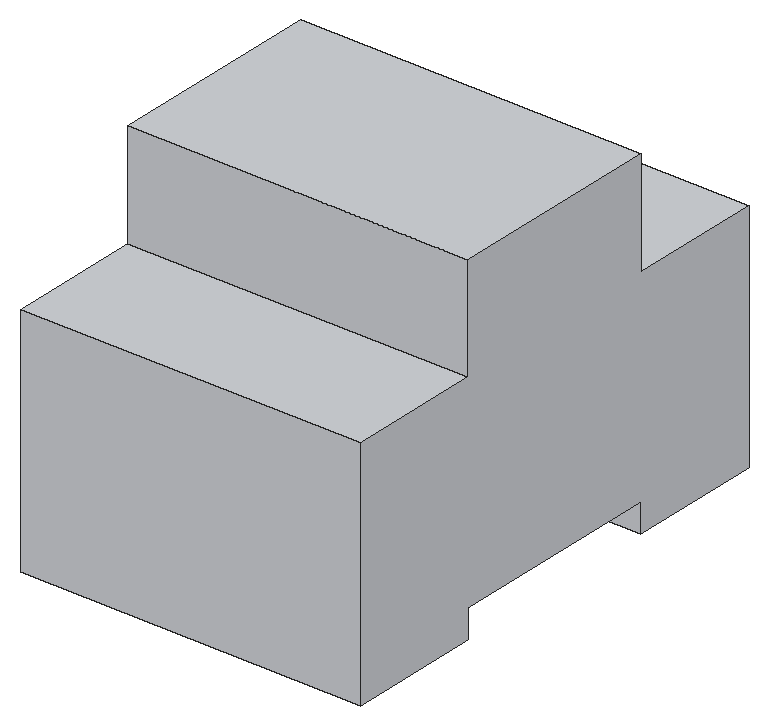
Revit family "Power-ModularDevices-GEWISS-90RCD-BDHP_2P", category Apparecchi elettrici, host Superficie, Revit 2016
Family settings
  Host = Superficie
  Mantenere orientamento annotazione = Sì
  Tipo di parte = Normale
  Quota connettore circolare = Usa diametro
  Numero OmniClass = 23.80.50.00
  Titolo OmniClass = Terminals for Power Supply
  Taglio con vuoti quando caricato = No
  Condiviso = Sì
  Punto di calcolo locali = Sì
Parameters (values of type "GW95470 - HP ADD-ON RCD 2P In 125A SEL.A/1 4M")
  potenza in watt = 0 V
  carico = Altro
  Version file RFA = "19.0"
  URL = "https://www.gewiss.com/ww/en"
  Type: = "A[S]"
  Type = "A(S)"
  Technical sheet = "https://www.gewiss.com/ww/en/search?q=GW95470"
  Stocking temperature = "-40 +70 °C"
  Standard; = "IEC/EN 61009-1 app. G, IEC/EN 61009-2-1 app. G"
  Standard = "EN61009-1 dev. G"
  Spostamento_x = -340 mm
  Section rigid cable = "Max 70 mm²"
  Section flexible cable = "Max 50 mm²"
  SS [instance] = 69.967 mm
  SIMBOLO IN PIANTA [instance] = yes
  SEO = "Add-on RCD"
  Realized by GEWISS S.p.A. = ""
  Rated voltage (IEC/EN 61009-1 app. G, IEC/EN 61009-2-1 app. G) = "230V"
  Rated voltage = "230V"
  Rated tightening torque = "3.5 / 3 (terminals)"
  Rated residual operating current = "1000 mA"
  Rated insulation voltage (Ui) = "500V"
  Rated impulse withstand voltage = "4KV"
  Rated frequency (Hz) = "50/60 Hz"
  Rated current: = "125A"
  Rated current (In) = "125A"
  Default Elevation = 1219.2 mm
  Produttore = "GEWISS S.p.A."
  Overvoltage category = "III"
  Operating temperature = "-25 +40 °C"
  Numero di poli_ = 1
  Spost_x_eff [instance] = 4000 mm + Spostamento_x  # 3660 mm
  Number of poles = "2P"
  No. of poles = "2P"
  No. of modules EN 50022 = "4"
  No. modules = "4"
  No. Chorus modules = "4"
  Modello = "GW95470"
  Level of immunity (8/20 Âµs) = "3000A"
  Label = "BDHP"
  Insulation voltage = "500V"
  Immagine tipo = GW95470.jpg
  Idn = "1000MA"
  IFC.TypeObject = ""
  IFC.ExportType = ""
  IFC.ExportAs = ""
  IDT = "cb6c7a3d-76c8-4146-b43f-86488f3e6643"
  IDF = "111c2b23-8161-45d7-9b90-cf89a61cff0e"
  Electrocod = "1412"
  EAN code = "8011564116627"
  Distanza dal piano [instance] = 3 mm
  Descrizione = "HP ADD-ON RCD 2P In<125A SEL.A/1 4M"
  Description = "HIGH PERFORMANCE  RESIDUAL CURRENT DEVICE"
  Catalogue Range = "90 RCD"
  Catalogue = "POWER"
  COBie.Tagnumber = ""
  COBie.CreatedOn = ""
  COBie.CreatebBy = ""
  COBie.ComponentRegisterItemID = ""
  COBie.Component.TagNumber = ""
  COBie.Component.Space = ""
  COBie.Component.SerialNumber = ""
  COBie.Component.InstallationDate = ""
  COBie.Component.Description = ""
  COBie.Component.BarCode = ""
  Assembly position: = "Any"
Types (7, lengths in mm): name | URL | Type: | Type | Technical sheet | Rated residual operating current | Produttore | Modello | Level of immunity (8/20 Âµs) | Immagine tipo | Idn | IDT | Electrocod | EAN code | Descrizione
  (no name) | 0 | "" | "" | "" | "" | 0 | 0 | "" | GW95470.jpg | "" | "" | "" | "" | 0
  GW95470 - HP ADD-ON RCD 2P In 125A SEL.A/1 4M | "https://www.gewiss.com/ww/en" | "A[S]" | "A(S)" | "https://www.gewiss.com/ww/en/search?q=GW95470" | "1000 mA" | "GEWISS S.p.A." | "GW95470" | "3000A" | GW95470.jpg | "1000MA" | "cb6c7a3d-76c8-4146-b43f-86488f3e6643" | "1412" | "8011564116627" | "HP ADD-ON RCD 2P In<125A SEL.A/1 4M"
  GW95468 - HP ADD-ON RCD 2P In 125A SEL.A/0.3 4M | "https://www.gewiss.com/ww/en" | "A[S]" | "A(S)" | "https://www.gewiss.com/ww/en/search?q=GW95468" | "300 mA" | "GEWISS S.p.A." | "GW95468" | "3000A" | GW95468.jpg | "300MA" | "86943d46-d265-4221-a610-b22238c660fa" | "1413" | "8011564116610" | "HP ADD-ON RCD 2P In<125A SEL.A/0.3 4M"
  GW95438 - HP ADD-ON RCD 2P In 125A IST.A /0.3 4M | "https://www.gewiss.com/ww/en" | "A" | "A" | "https://www.gewiss.com/ww/en/search?q=GW95438" | "300 mA" | "GEWISS S.p.A." | "GW95438" | "250A" | GW95438.jpg | "300MA" | "761c9d23-fd6b-4d45-9e63-c3725f11d945" | "1413" | "8011564116467" | "HP ADD-ON RCD 2P In<125A IST.A /0.3 4M"
  GW95436 - HP ADD-ON RCD 2P In 125A IST.A /0.03 4M | "https://www.gewiss.com/ww/en" | "A" | "A" | "https://www.gewiss.com/ww/en/search?q=GW95436" | "30 mA" | "GEWISS S.p.A." | "GW95436" | "250A" | GW95436.jpg | "30MA" | "49b9cb0c-5ad2-4a08-b002-3203e1dc9bef" | "1413" | "8011564116443" | "HP ADD-ON RCD 2P In<125A IST.A /0.03 4M"
  GW95408 - HP ADD-ON RCD 2P In 125A IST.AC/0.3 4M | "https://www.gewiss.com/ww/en" | "AC" | "AC" | "https://www.gewiss.com/ww/en/search?q=GW95408" | "300 mA" | "GEWISS S.p.A." | "GW95408" | "250A" | GW95408.jpg | "300MA" | "c52f21c7-577c-4ce3-b264-2df18b148085" | "1413" | "8011564116092" | "HP ADD-ON RCD 2P In<125A IST.AC/0.3 4M"
  GW95406 - HP ADD-ON RCD 2P In 125A IST.AC/0.03 4M | "https://www.gewiss.com/ww/en" | "AC" | "AC" | "https://www.gewiss.com/ww/en/search?q=GW95406" | "30 mA" | "GEWISS S.p.A." | "GW95406" | "250A" | GW95406.jpg | "30MA" | "965f7603-5b6c-42ff-9211-21183b296693" | "1413" | "8011564116078" | "HP ADD-ON RCD 2P In<125A IST.AC/0.03 4M"
Values of the unnamed type that differ from the named types
  Version file RFA = ""
  Stocking temperature = ""
  Standard; = ""
  Standard = ""
  Section rigid cable = ""
  Section flexible cable = ""
  SEO = ""
  Rated voltage (IEC/EN 61009-1 app. G, IEC/EN 61009-2-1 app. G) = ""
  Rated voltage = ""
  Rated tightening torque = ""
  Rated insulation voltage (Ui) = ""
  Rated impulse withstand voltage = ""
  Rated frequency (Hz) = ""
  Rated current: = ""
  Rated current (In) = ""
  Overvoltage category = ""
  Operating temperature = ""
  Number of poles = ""
  No. of poles = ""
  No. of modules EN 50022 = ""
  No. modules = ""
  No. Chorus modules = ""
  Label = ""
  Insulation voltage = ""
  IDF = ""
  Description = ""
  Catalogue Range = ""
  Catalogue = ""
  Assembly position: = ""
Reference planes
  plane 1 "Centro (Fronte/Retro)": y = 0
  plane 2: z = 0
  plane 3 "Centro (Sinistra/Destra)": x = 0
  plane 4: z = -7
  plane 5: z = -10
Dimensions and locks
  "Distanza dal piano": plane 5 to plane 4
  locked: plane 2 to plane 5 at 10
  aligned and locked: plane 2 to host face
  aligned and locked: level to host face
  aligned and locked: plane 3 "Centro (Sinistra/Destra)" to nested 1
  aligned and locked: plane 1 "Centro (Fronte/Retro)" to nested 1
  aligned and locked: nested 1 to plane 4
Automatic sketch dimensions
  host sketch curve to host sketch curve = 6519.2 mm
  host sketch curve to host sketch curve = 4328.142 mm
Nested families
  nested 1: "GENERICO - BDHP BLOCCO DIFFERENZIALE 2P" at (0, 0, -50), type "GW96810 Temporizzatore luce scale - 30s - 20min - 1M"
Definition of nested family "GENERICO - BDHP BLOCCO DIFFERENZIALE 2P"
  Parameters (values of type "GW96810 Temporizzatore luce scale - 30s - 20min - 1M")
    h_barra din = if(Altezza barre = 1 mm, 69.9 mm, if(Altezza barre = 2 mm, 115.8 mm, 0 mm))  # 0 mm
    TIPO = 10
    H = if(AB_O = 1, AB_V, if(AB_O = 2, AB_H, 50.8 mm))  # 50.8 mm
    GW96815 = TIPO = 15  # no
    GW96814 = TIPO = 0  # no
    GW96813 = TIPO = 13  # no
    GW96810 = TIPO = 10  # yes
    Dist barra din = 0 mm  # constant formula
    C1 = 49 mm  # constant formula
    C = 65 mm  # constant formula
    B = 101 mm  # constant formula
    Altezza barre = 5 mm  # constant formula
    AB_V = 3 mm  # constant formula
    AB_H = 5 mm  # constant formula
    AB_O = 0  # constant formula
    A2 = 12.5 mm  # constant formula
    A = 71 mm  # constant formula
  Reference planes
    plane 1 "Centro (Fronte/Retro)": y = 0
    plane 2: z = 0
    plane 3 "Centro (Sinistra/Destra)": x = 0
    plane 4: y = -50.5
    plane 5: y = 50.5
    plane 6: z = 0
    plane 7: z = -6
    plane 8 "top": z = 65
    plane 9 "incasso": z = 43
    plane 10: y = -22.5
    plane 11: y = 22.5
    plane 12: x = -35.5
    plane 13: x = 35.5
    plane 14: through (4267.2, -42.5, 9) normal (0, -0.1901, 0.9818)
    plane 15: y = -30
    plane 16: y = 30
  Forms (mm)
    Extrusion 1, solid
      sketch origin (0, 0, 0) x (0, 1, 0) y (0, 0, 1)
        loop
          line (-22.5, 0) -> (22.5, 0) -> (22.5, -6) -> (50.5, -6) -> (50.5, 43) -> (22.5, 43) -> (22.5, 65) -> (-22.5, 65) -> (-22.5, 43) -> (-50.5, 43) -> (-50.5, -6) -> (-22.5, -6) -> (-22.5, 0)
      from -35.5 to 35.5
  Lines and regions (mm)
    symbolic lines
      curve 1: line (0, 0, 15) -> (0, 0, -6)
      curve 2: line (0, -22.5, 0) -> (0, 22.5, 0)
    model lines, visible <- "GW96810", not visible
      curve 3: circle (39.315, -11.642, 65) r 3.397 normal (0, 0, 1)
      curve 4: line (39.989, -9.925, 65) -> (37.628, -9.757, 65)
      curve 5: line (37.628, -9.757, 65) -> (37.797, -12.118, 65)
      curve 6: line (37.797, -12.118, 65) -> (39.989, -9.925, 65)
      curve 7: line (39.204, -10.711, 65) -> (41.666, -13.172, 65)
      curve 8: line (41.666, -13.172, 65) -> (41.043, -13.795, 65)
      curve 9: line (41.043, -13.795, 65) -> (38.582, -11.333, 65)
      curve 10: line (35.573, 5.976, 65) -> (43.073, 5.976, 65)
      curve 11: line (43.073, 5.976, 65) -> (43.073, -1.524, 65)
      curve 12: line (43.073, -1.524, 65) -> (35.573, -1.524, 65)
      curve 13: line (35.573, -1.524, 65) -> (35.573, 5.976, 65)
      curve 14: line (47.203, -21.5, 65) -> (31.703, -21.5, 65)
      curve 15: line (31.703, -21.5, 65) -> (31.703, 21.5, 65)
      curve 16: line (31.703, 21.5, 65) -> (47.203, 21.5, 65)
      curve 17: line (47.203, 21.5, 65) -> (47.203, -21.5, 65)
      curve 18: line (35.138, 19.047, 65) -> (35.138, 17.333, 65)
      curve 19: line (35.138, 17.333, 65) -> (34.564, 17.333, 65)
      curve 20: line (34.564, 17.333, 65) -> (34.232, 17.375, 65)
      curve 21: line (34.232, 17.375, 65) -> (33.824, 17.555, 65)
      curve 22: line (33.824, 17.555, 65) -> (33.501, 17.856, 65)
      curve 23: line (33.501, 17.856, 65) -> (33.287, 18.26, 65)
      curve 24: line (33.287, 18.26, 65) -> (33.22, 18.691, 65)
      curve 25: line (33.22, 18.691, 65) -> (33.284, 19.088, 65)
      curve 26: line (33.284, 19.088, 65) -> (33.456, 19.439, 65)
      curve 27: line (33.456, 19.439, 65) -> (33.765, 19.758, 65)
      curve 28: line (33.765, 19.758, 65) -> (34.139, 19.953, 65)
      curve 29: line (34.139, 19.953, 65) -> (34.559, 20.022, 65)
      curve 30: line (34.559, 20.022, 65) -> (35.138, 20.022, 65)
      curve 31: line (35.138, 20.022, 65) -> (35.138, 19.283, 65)
      curve 32: line (35.138, 19.283, 65) -> (34.163, 19.283, 65)
      curve 33: line (34.163, 19.283, 65) -> (34.163, 18.072, 65)
      curve 34: line (34.163, 18.072, 65) -> (34.401, 18.072, 65)
      curve 35: line (34.401, 18.072, 65) -> (34.401, 19.047, 65)
      curve 36: line (34.401, 19.047, 65) -> (35.138, 19.047, 65)
      curve 37: line (37.458, 17.333, 65) -> (35.375, 17.333, 65)
      curve 38: line (35.375, 17.333, 65) -> (35.375, 20.022, 65)
      curve 39: line (35.375, 20.022, 65) -> (36.483, 20.022, 65)
      curve 40: line (36.483, 20.022, 65) -> (36.483, 19.283, 65)
      curve 41: line (36.483, 19.283, 65) -> (36.113, 19.283, 65)
      curve 42: line (36.113, 19.283, 65) -> (36.113, 19.047, 65)
      curve 43: line (36.113, 19.047, 65) -> (37.458, 19.047, 65)
      curve 44: line (37.458, 19.047, 65) -> (37.458, 18.308, 65)
      curve 45: line (37.458, 18.308, 65) -> (36.114, 18.308, 65)
      curve 46: line (36.114, 18.308, 65) -> (36.114, 18.072, 65)
      curve 47: line (36.114, 18.072, 65) -> (37.458, 18.072, 65)
      curve 48: line (37.458, 18.072, 65) -> (37.458, 17.333, 65)
      curve 49: line (41.225, 17.333, 65) -> (41.225, 19.047, 65)
      curve 50: line (41.225, 19.047, 65) -> (40.486, 19.047, 65)
      curve 51: line (40.486, 19.047, 65) -> (40.486, 17.333, 65)
      curve 52: line (40.486, 17.333, 65) -> (41.225, 17.333, 65)
      curve 53: line (38.75, 17.333, 65) -> (38.972, 18.441, 65)
      curve 54: line (38.972, 18.441, 65) -> (39.193, 17.333, 65)
      curve 55: line (39.193, 17.333, 65) -> (39.932, 17.333, 65)
      curve 56: line (39.932, 17.333, 65) -> (40.39, 19.283, 65)
      curve 57: line (40.39, 19.283, 65) -> (41.225, 19.283, 65)
      curve 58: line (41.225, 19.283, 65) -> (41.225, 20.022, 65)
      curve 59: line (41.225, 20.022, 65) -> (39.806, 20.022, 65)
      curve 60: line (39.806, 20.022, 65) -> (39.541, 18.884, 65)
      curve 61: line (39.541, 18.884, 65) -> (39.356, 20.022, 65)
      curve 62: line (39.356, 20.022, 65) -> (38.588, 20.022, 65)
      curve 63: line (38.588, 20.022, 65) -> (38.403, 18.884, 65)
      curve 64: line (38.403, 18.884, 65) -> (38.137, 20.022, 65)
      curve 65: line (38.137, 20.022, 65) -> (36.719, 20.022, 65)
      curve 66: line (36.719, 20.022, 65) -> (36.719, 19.283, 65)
      curve 67: line (36.719, 19.283, 65) -> (37.554, 19.283, 65)
      curve 68: line (37.554, 19.283, 65) -> (38.011, 17.333, 65)
      curve 69: line (38.011, 17.333, 65) -> (38.75, 17.333, 65)
      curve 70: line (43.544, 20.022, 65) -> (41.461, 20.022, 65)
      curve 71: line (41.461, 20.022, 65) -> (41.461, 18.308, 65)
      curve 72: line (41.461, 18.308, 65) -> (42.805, 18.308, 65)
      curve 73: line (42.805, 18.308, 65) -> (42.805, 18.072, 65)
      curve 74: line (42.805, 18.072, 65) -> (41.461, 18.072, 65)
      curve 75: line (41.461, 18.072, 65) -> (41.461, 17.333, 65)
      curve 76: line (41.461, 17.333, 65) -> (43.544, 17.333, 65)
      curve 77: line (43.544, 17.333, 65) -> (43.544, 19.047, 65)
      curve 78: line (43.544, 19.047, 65) -> (42.2, 19.047, 65)
      curve 79: line (42.2, 19.047, 65) -> (42.2, 19.283, 65)
      curve 80: line (42.2, 19.283, 65) -> (43.544, 19.283, 65)
      curve 81: line (43.544, 19.283, 65) -> (43.544, 20.022, 65)
      curve 82: line (43.78, 20.022, 65) -> (43.78, 18.308, 65)
      curve 83: line (43.78, 18.308, 65) -> (45.034, 18.308, 65)
      curve 84: line (45.034, 18.308, 65) -> (45.034, 18.072, 65)
      curve 85: line (45.034, 18.072, 65) -> (43.78, 18.072, 65)
      curve 86: line (43.78, 18.072, 65) -> (43.78, 17.333, 65)
      curve 87: line (43.78, 17.333, 65) -> (44.519, 17.333, 65)
      curve 88: line (44.519, 17.333, 65) -> (44.945, 17.47, 65)
      curve 89: line (44.945, 17.47, 65) -> (45.221, 17.65, 65)
      curve 90: line (45.221, 17.65, 65) -> (45.536, 18.037, 65)
      curve 91: line (45.536, 18.037, 65) -> (45.682, 18.47, 65)
      curve 92: line (45.682, 18.47, 65) -> (45.687, 18.855, 65)
      curve 93: line (45.687, 18.855, 65) -> (45.647, 19.047, 65)
      curve 94: line (45.647, 19.047, 65) -> (44.519, 19.047, 65)
      curve 95: line (44.519, 19.047, 65) -> (44.519, 19.283, 65)
      curve 96: line (44.519, 19.283, 65) -> (45.546, 19.283, 65)
      curve 97: line (45.546, 19.283, 65) -> (45.413, 19.506, 65)
      curve 98: line (45.413, 19.506, 65) -> (45.221, 19.706, 65)
      curve 99: line (45.221, 19.706, 65) -> (44.953, 19.881, 65)
      curve 100: line (44.953, 19.881, 65) -> (44.674, 19.983, 65)
      curve 101: line (44.674, 19.983, 65) -> (44.36, 20.022, 65)
      curve 102: line (44.36, 20.022, 65) -> (43.78, 20.022, 65)
    model lines, visible <- "GW96813", not visible
      curve 103: circle (75.547, 75.845, 65) r 3.397 normal (0, 0, 1)
      curve 104: line (71.155, 106.621, 65) -> (71.155, 104.859, 65)
      curve 105: line (71.155, 104.859, 65) -> (70.565, 104.859, 65)
      curve 106: line (70.565, 104.859, 65) -> (70.222, 104.902, 65)
      curve 107: line (70.222, 104.902, 65) -> (69.803, 105.087, 65)
      curve 108: line (69.803, 105.087, 65) -> (69.47, 105.396, 65)
      curve 109: line (69.47, 105.396, 65) -> (69.25, 105.812, 65)
      curve 110: line (69.25, 105.812, 65) -> (69.182, 106.255, 65)
      curve 111: line (69.182, 106.255, 65) -> (69.248, 106.664, 65)
      curve 112: line (69.248, 106.664, 65) -> (69.425, 107.025, 65)
      curve 113: line (69.425, 107.025, 65) -> (69.742, 107.354, 65)
      curve 114: line (69.742, 107.354, 65) -> (70.127, 107.553, 65)
      curve 115: line (70.127, 107.553, 65) -> (70.559, 107.625, 65)
      curve 116: line (70.559, 107.625, 65) -> (71.155, 107.625, 65)
      curve 117: line (71.155, 107.625, 65) -> (71.155, 106.865, 65)
      curve 118: line (71.155, 106.865, 65) -> (70.152, 106.865, 65)
      curve 119: line (70.152, 106.865, 65) -> (70.152, 105.619, 65)
      curve 120: line (70.152, 105.619, 65) -> (70.396, 105.619, 65)
      curve 121: line (70.396, 105.619, 65) -> (70.396, 106.621, 65)
      curve 122: line (70.396, 106.621, 65) -> (71.155, 106.621, 65)
      curve 123: line (73.541, 104.859, 65) -> (71.398, 104.859, 65)
      curve 124: line (71.398, 104.859, 65) -> (71.398, 107.625, 65)
      curve 125: line (71.398, 107.625, 65) -> (72.538, 107.625, 65)
      curve 126: line (72.538, 107.625, 65) -> (72.538, 106.865, 65)
      curve 127: line (72.538, 106.865, 65) -> (72.158, 106.865, 65)
      curve 128: line (72.158, 106.865, 65) -> (72.158, 106.622, 65)
      curve 129: line (72.158, 106.622, 65) -> (73.541, 106.622, 65)
      curve 130: line (73.541, 106.622, 65) -> (73.541, 105.862, 65)
      curve 131: line (73.541, 105.862, 65) -> (72.158, 105.862, 65)
      curve 132: line (72.158, 105.862, 65) -> (72.158, 105.619, 65)
      curve 133: line (72.158, 105.619, 65) -> (73.541, 105.619, 65)
      curve 134: line (73.541, 105.619, 65) -> (73.541, 104.859, 65)
      curve 135: line (77.416, 104.859, 65) -> (77.416, 106.622, 65)
      curve 136: line (77.416, 106.622, 65) -> (76.656, 106.622, 65)
      curve 137: line (76.656, 106.622, 65) -> (76.656, 104.859, 65)
      curve 138: line (76.656, 104.859, 65) -> (77.416, 104.859, 65)
      curve 139: line (74.871, 104.859, 65) -> (75.099, 105.999, 65)
      curve 140: line (75.099, 105.999, 65) -> (75.327, 104.859, 65)
      curve 141: line (75.327, 104.859, 65) -> (76.086, 104.859, 65)
      curve 142: line (76.086, 104.859, 65) -> (76.557, 106.865, 65)
      curve 143: line (76.557, 106.865, 65) -> (77.416, 106.865, 65)
      curve 144: line (77.416, 106.865, 65) -> (77.416, 107.625, 65)
      curve 145: line (77.416, 107.625, 65) -> (75.957, 107.625, 65)
      curve 146: line (75.957, 107.625, 65) -> (75.684, 106.454, 65)
      curve 147: line (75.684, 106.454, 65) -> (75.494, 107.625, 65)
      curve 148: line (75.494, 107.625, 65) -> (74.704, 107.625, 65)
      curve 149: line (74.704, 107.625, 65) -> (74.514, 106.454, 65)
      curve 150: line (74.514, 106.454, 65) -> (74.24, 107.625, 65)
      curve 151: line (74.24, 107.625, 65) -> (72.781, 107.625, 65)
      curve 152: line (72.781, 107.625, 65) -> (72.781, 106.865, 65)
      curve 153: line (72.781, 106.865, 65) -> (73.64, 106.865, 65)
      curve 154: line (73.64, 106.865, 65) -> (74.11, 104.859, 65)
      curve 155: line (74.11, 104.859, 65) -> (74.871, 104.859, 65)
      curve 156: line (79.802, 107.625, 65) -> (77.659, 107.625, 65)
      curve 157: line (77.659, 107.625, 65) -> (77.659, 105.862, 65)
      curve 158: line (77.659, 105.862, 65) -> (79.042, 105.862, 65)
      curve 159: line (79.042, 105.862, 65) -> (79.042, 105.619, 65)
      curve 160: line (79.042, 105.619, 65) -> (77.659, 105.619, 65)
      curve 161: line (77.659, 105.619, 65) -> (77.659, 104.859, 65)
      curve 162: line (77.659, 104.859, 65) -> (79.802, 104.859, 65)
      curve 163: line (79.802, 104.859, 65) -> (79.802, 106.622, 65)
      curve 164: line (79.802, 106.622, 65) -> (78.419, 106.622, 65)
      curve 165: line (78.419, 106.622, 65) -> (78.419, 106.865, 65)
      curve 166: line (78.419, 106.865, 65) -> (79.802, 106.865, 65)
      curve 167: line (79.802, 106.865, 65) -> (79.802, 107.625, 65)
      curve 168: line (80.045, 107.625, 65) -> (80.045, 105.862, 65)
      curve 169: line (80.045, 105.862, 65) -> (81.335, 105.862, 65)
      curve 170: line (81.335, 105.862, 65) -> (81.335, 105.619, 65)
      curve 171: line (81.335, 105.619, 65) -> (80.045, 105.619, 65)
      curve 172: line (80.045, 105.619, 65) -> (80.045, 104.859, 65)
      curve 173: line (80.045, 104.859, 65) -> (80.805, 104.859, 65)
      curve 174: line (80.805, 104.859, 65) -> (81.244, 105, 65)
      curve 175: line (81.244, 105, 65) -> (81.527, 105.184, 65)
      curve 176: line (81.527, 105.184, 65) -> (81.851, 105.582, 65)
      curve 177: line (81.851, 105.582, 65) -> (82.002, 106.029, 65)
      curve 178: line (82.002, 106.029, 65) -> (82.006, 106.425, 65)
      curve 179: line (82.006, 106.425, 65) -> (81.965, 106.622, 65)
      curve 180: line (81.965, 106.622, 65) -> (80.805, 106.622, 65)
      curve 181: line (80.805, 106.622, 65) -> (80.805, 106.865, 65)
      curve 182: line (80.805, 106.865, 65) -> (81.862, 106.865, 65)
      curve 183: line (81.862, 106.865, 65) -> (81.724, 107.094, 65)
      curve 184: line (81.724, 107.094, 65) -> (81.527, 107.299, 65)
      curve 185: line (81.527, 107.299, 65) -> (81.252, 107.48, 65)
      curve 186: line (81.252, 107.48, 65) -> (80.964, 107.585, 65)
      curve 187: line (80.964, 107.585, 65) -> (80.641, 107.625, 65)
      curve 188: line (80.641, 107.625, 65) -> (80.045, 107.625, 65)
      curve 189: line (76.221, 77.561, 65) -> (73.86, 77.73, 65)
      curve 190: line (73.86, 77.73, 65) -> (74.028, 75.368, 65)
      curve 191: line (74.028, 75.368, 65) -> (76.221, 77.561, 65)
      curve 192: line (75.436, 76.776, 65) -> (77.898, 74.314, 65)
      curve 193: line (77.898, 74.314, 65) -> (77.275, 73.692, 65)
      curve 194: line (77.275, 73.692, 65) -> (74.814, 76.154, 65)
      curve 195: line (71.805, 93.463, 65) -> (79.305, 93.463, 65)
      curve 196: line (79.305, 93.463, 65) -> (79.305, 85.963, 65)
      curve 197: line (79.305, 85.963, 65) -> (71.805, 85.963, 65)
      curve 198: line (71.805, 85.963, 65) -> (71.805, 93.463, 65)
      curve 199: line (83.435, 65.987, 65) -> (67.935, 65.987, 65)
      curve 200: line (67.935, 65.987, 65) -> (67.935, 108.987, 65)
      curve 201: line (67.935, 108.987, 65) -> (83.435, 108.987, 65)
      curve 202: line (83.435, 108.987, 65) -> (83.435, 65.987, 65)
    model lines, visible <- "GW96815", not visible
      curve 203: line (151.162, 97.404, 65) -> (148.886, 96.753, 65)
      curve 204: line (148.886, 96.753, 65) -> (149.853, 94.593, 65)
      curve 205: line (149.853, 94.593, 65) -> (151.162, 97.404, 65)
      curve 206: line (150.693, 96.397, 65) -> (153.85, 94.928, 65)
      curve 207: line (153.85, 94.928, 65) -> (153.478, 94.13, 65)
      curve 208: line (153.478, 94.13, 65) -> (150.322, 95.599, 65)
      curve 209: line (152.018, 103.952, 65) -> (153.644, 105.673, 65)
      curve 210: line (153.644, 105.673, 65) -> (151.71, 107.038, 65)
      curve 211: line (151.71, 107.038, 65) -> (152.018, 103.952, 65)
      curve 212: line (151.908, 105.057, 65) -> (148.443, 104.711, 65)
      curve 213: line (148.443, 104.711, 65) -> (148.356, 105.587, 65)
      curve 214: line (148.356, 105.587, 65) -> (151.82, 105.933, 65)
      curve 215: line (149.709, 74.37, 65) -> (151.709, 73.102, 65)
      curve 216: line (151.709, 73.102, 65) -> (152.68, 75.26, 65)
      curve 217: line (152.68, 75.26, 65) -> (149.709, 74.37, 65)
      curve 218: line (150.773, 74.689, 65) -> (149.773, 78.023, 65)
      curve 219: line (149.773, 78.023, 65) -> (150.616, 78.276, 65)
      curve 220: line (150.616, 78.276, 65) -> (151.616, 74.941, 65)
      curve 221: line (144.902, 102.723, 65) -> (144.902, 108.399, 65)
      curve 222: line (144.902, 108.399, 65) -> (146.733, 108.399, 65)
      curve 223: line (146.733, 108.399, 65) -> (146.733, 102.723, 65)
      curve 224: line (146.733, 102.723, 65) -> (144.902, 102.723, 65)
      curve 225: line (144.902, 72.723, 65) -> (144.902, 78.399, 65)
      curve 226: line (144.902, 78.399, 65) -> (146.733, 78.399, 65)
      curve 227: line (146.733, 78.399, 65) -> (146.733, 72.723, 65)
      curve 228: line (146.733, 72.723, 65) -> (144.902, 72.723, 65)
      curve 229: line (151.099, 108.91, 65) -> (152.78, 108.459, 65)
      curve 230: line (152.78, 108.459, 65) -> (154.01, 107.229, 65)
      curve 231: line (154.01, 107.229, 65) -> (154.46, 105.549, 65)
      curve 232: line (154.46, 105.549, 65) -> (154.01, 103.869, 65)
      curve 233: line (154.01, 103.869, 65) -> (152.78, 102.639, 65)
      curve 234: line (152.78, 102.639, 65) -> (151.099, 102.189, 65)
      curve 235: line (151.099, 102.189, 65) -> (149.419, 102.639, 65)
      curve 236: line (149.419, 102.639, 65) -> (148.189, 103.869, 65)
      curve 237: line (148.189, 103.869, 65) -> (147.739, 105.549, 65)
      curve 238: line (147.739, 105.549, 65) -> (148.189, 107.229, 65)
      curve 239: line (148.189, 107.229, 65) -> (149.419, 108.459, 65)
      curve 240: line (149.419, 108.459, 65) -> (151.099, 108.91, 65)
      curve 241: line (147.739, 95.598, 65) -> (148.189, 97.278, 65)
      curve 242: line (148.189, 97.278, 65) -> (149.419, 98.508, 65)
      curve 243: line (149.419, 98.508, 65) -> (151.099, 98.958, 65)
      curve 244: line (151.099, 98.958, 65) -> (152.78, 98.508, 65)
      curve 245: line (152.78, 98.508, 65) -> (154.01, 97.278, 65)
      curve 246: line (154.01, 97.278, 65) -> (154.46, 95.598, 65)
      curve 247: line (154.46, 95.598, 65) -> (154.01, 93.918, 65)
      curve 248: line (154.01, 93.918, 65) -> (152.78, 92.688, 65)
      curve 249: line (152.78, 92.688, 65) -> (151.099, 92.237, 65)
      curve 250: line (151.099, 92.237, 65) -> (149.419, 92.688, 65)
      curve 251: line (149.419, 92.688, 65) -> (148.189, 93.918, 65)
      curve 252: line (148.189, 93.918, 65) -> (147.739, 95.598, 65)
      curve 253: line (147.739, 75.598, 65) -> (148.189, 77.278, 65)
      curve 254: line (148.189, 77.278, 65) -> (149.419, 78.508, 65)
      curve 255: line (149.419, 78.508, 65) -> (151.099, 78.958, 65)
      curve 256: line (151.099, 78.958, 65) -> (152.78, 78.508, 65)
      curve 257: line (152.78, 78.508, 65) -> (154.01, 77.278, 65)
      curve 258: line (154.01, 77.278, 65) -> (154.46, 75.598, 65)
      curve 259: line (154.46, 75.598, 65) -> (154.01, 73.918, 65)
      curve 260: line (154.01, 73.918, 65) -> (152.78, 72.688, 65)
      curve 261: line (152.78, 72.688, 65) -> (151.099, 72.237, 65)
      curve 262: line (151.099, 72.237, 65) -> (149.419, 72.688, 65)
      curve 263: line (149.419, 72.688, 65) -> (148.189, 73.918, 65)
      curve 264: line (148.189, 73.918, 65) -> (147.739, 75.598, 65)
      curve 265: line (151.162, 83.718, 65) -> (148.886, 84.369, 65)
      curve 266: line (148.886, 84.369, 65) -> (149.853, 86.529, 65)
      curve 267: line (149.853, 86.529, 65) -> (151.162, 83.718, 65)
      curve 268: line (150.693, 84.724, 65) -> (153.85, 86.193, 65)
      curve 269: line (153.85, 86.193, 65) -> (153.478, 86.991, 65)
      curve 270: line (153.478, 86.991, 65) -> (150.322, 85.522, 65)
      curve 271: line (147.739, 85.524, 65) -> (148.189, 83.844, 65)
      curve 272: line (148.189, 83.844, 65) -> (149.419, 82.614, 65)
      curve 273: line (149.419, 82.614, 65) -> (151.099, 82.164, 65)
      curve 274: line (151.099, 82.164, 65) -> (152.78, 82.614, 65)
      curve 275: line (152.78, 82.614, 65) -> (154.01, 83.844, 65)
      curve 276: line (154.01, 83.844, 65) -> (154.46, 85.524, 65)
      curve 277: line (154.46, 85.524, 65) -> (154.01, 87.204, 65)
      curve 278: line (154.01, 87.204, 65) -> (152.78, 88.434, 65)
      curve 279: line (152.78, 88.434, 65) -> (151.099, 88.884, 65)
      curve 280: line (151.099, 88.884, 65) -> (149.419, 88.434, 65)
      curve 281: line (149.419, 88.434, 65) -> (148.189, 87.204, 65)
      curve 282: line (148.189, 87.204, 65) -> (147.739, 85.524, 65)
    model lines, not visible, detail levels medium+fine
      curve 283: line (107.819, -9.528, 65) -> (107.819, 2.579, 65)
      curve 284: line (107.819, 2.579, 65) -> (108.005, 3.42, 65)
      curve 285: line (108.005, 3.42, 65) -> (108.405, 3.993, 65)
      curve 286: line (108.405, 3.993, 65) -> (109.001, 4.404, 65)
      curve 287: line (109.001, 4.404, 65) -> (109.819, 4.579, 65)
      curve 288: line (109.819, 4.579, 65) -> (116.02, 4.579, 65)
      curve 289: line (116.02, 4.579, 65) -> (116.838, 4.404, 65)
      curve 290: line (116.838, 4.404, 65) -> (117.434, 3.993, 65)
      curve 291: line (117.434, 3.993, 65) -> (117.835, 3.42, 65)
      curve 292: line (117.835, 3.42, 65) -> (118.02, 2.579, 65)
      curve 293: line (118.02, 2.579, 65) -> (118.02, -9.528, 65)
      curve 294: line (118.02, -9.528, 65) -> (117.835, -10.368, 65)
      curve 295: line (117.835, -10.368, 65) -> (117.434, -10.942, 65)
      curve 296: line (117.434, -10.942, 65) -> (116.838, -11.353, 65)
      curve 297: line (116.838, -11.353, 65) -> (116.02, -11.528, 65)
      curve 298: line (116.02, -11.528, 65) -> (109.819, -11.528, 65)
      curve 299: line (109.819, -11.528, 65) -> (109.001, -11.353, 65)
      curve 300: line (109.001, -11.353, 65) -> (108.405, -10.942, 65)
      curve 301: line (108.405, -10.942, 65) -> (108.005, -10.368, 65)
      curve 302: line (108.005, -10.368, 65) -> (107.819, -9.528, 65)
      curve 303: line (107.819, -6.257, 65) -> (88.286, -6.257, 65)
      curve 304: line (159.286, -6.257, 65) -> (118.02, -6.257, 65)
      curve 305: line (107.819, -0.352, 65) -> (118.02, -0.352, 65)
      curve 306: line (107.926, -19.885, 65) -> (107.926, -16.58, 65)
      curve 307: line (107.926, -16.58, 65) -> (118.14, -16.58, 65)
      curve 308: line (118.14, -16.58, 65) -> (118.14, -19.885, 65)
      curve 309: line (118.14, -19.885, 65) -> (107.926, -19.885, 65)
    model lines, not visible, detail levels fine
      curve 310: line (92.427, -17.84, 65) -> (92.427, -20.035, 65)
      curve 311: line (92.427, -20.035, 65) -> (91.692, -20.035, 65)
      curve 312: line (91.692, -20.035, 65) -> (91.266, -19.981, 65)
      curve 313: line (91.266, -19.981, 65) -> (90.744, -19.75, 65)
      curve 314: line (90.744, -19.75, 65) -> (90.33, -19.366, 65)
      curve 315: line (90.33, -19.366, 65) -> (90.055, -18.848, 65)
      curve 316: line (90.055, -18.848, 65) -> (89.97, -18.296, 65)
      curve 317: line (89.97, -18.296, 65) -> (90.053, -17.787, 65)
      curve 318: line (90.053, -17.787, 65) -> (90.273, -17.338, 65)
      curve 319: line (90.273, -17.338, 65) -> (90.668, -16.929, 65)
      curve 320: line (90.668, -16.929, 65) -> (91.147, -16.68, 65)
      curve 321: line (91.147, -16.68, 65) -> (91.685, -16.591, 65)
      curve 322: line (91.685, -16.591, 65) -> (92.427, -16.591, 65)
      curve 323: line (92.427, -16.591, 65) -> (92.427, -17.537, 65)
      curve 324: line (92.427, -17.537, 65) -> (91.178, -17.537, 65)
      curve 325: line (91.178, -17.537, 65) -> (91.178, -19.089, 65)
      curve 326: line (91.178, -19.089, 65) -> (91.483, -19.089, 65)
      curve 327: line (91.483, -19.089, 65) -> (91.483, -17.84, 65)
      curve 328: line (91.483, -17.84, 65) -> (92.427, -17.84, 65)
      curve 329: line (95.398, -20.035, 65) -> (92.73, -20.035, 65)
      curve 330: line (92.73, -20.035, 65) -> (92.73, -16.591, 65)
      curve 331: line (92.73, -16.591, 65) -> (94.149, -16.591, 65)
      curve 332: line (94.149, -16.591, 65) -> (94.149, -17.537, 65)
      curve 333: line (94.149, -17.537, 65) -> (93.676, -17.537, 65)
      curve 334: line (93.676, -17.537, 65) -> (93.676, -17.84, 65)
      curve 335: line (93.676, -17.84, 65) -> (95.398, -17.84, 65)
      curve 336: line (95.398, -17.84, 65) -> (95.398, -18.786, 65)
      curve 337: line (95.398, -18.786, 65) -> (93.676, -18.786, 65)
      curve 338: line (93.676, -18.786, 65) -> (93.676, -19.089, 65)
      curve 339: line (93.676, -19.089, 65) -> (95.398, -19.089, 65)
      curve 340: line (95.398, -19.089, 65) -> (95.398, -20.035, 65)
      curve 341: line (100.223, -20.035, 65) -> (100.223, -17.84, 65)
      curve 342: line (100.223, -17.84, 65) -> (99.277, -17.84, 65)
      curve 343: line (99.277, -17.84, 65) -> (99.277, -20.035, 65)
      curve 344: line (99.277, -20.035, 65) -> (100.223, -20.035, 65)
      curve 345: line (97.054, -20.035, 65) -> (97.338, -18.616, 65)
      curve 346: line (97.338, -18.616, 65) -> (97.621, -20.035, 65)
      curve 347: line (97.621, -20.035, 65) -> (98.567, -20.035, 65)
      curve 348: line (98.567, -20.035, 65) -> (99.154, -17.537, 65)
      curve 349: line (99.154, -17.537, 65) -> (100.223, -17.537, 65)
      curve 350: line (100.223, -17.537, 65) -> (100.223, -16.591, 65)
      curve 351: line (100.223, -16.591, 65) -> (98.407, -16.591, 65)
      curve 352: line (98.407, -16.591, 65) -> (98.066, -18.048, 65)
      curve 353: line (98.066, -18.048, 65) -> (97.829, -16.591, 65)
      curve 354: line (97.829, -16.591, 65) -> (96.846, -16.591, 65)
      curve 355: line (96.846, -16.591, 65) -> (96.609, -18.048, 65)
      curve 356: line (96.609, -18.048, 65) -> (96.268, -16.591, 65)
      curve 357: line (96.268, -16.591, 65) -> (94.452, -16.591, 65)
      curve 358: line (94.452, -16.591, 65) -> (94.452, -17.537, 65)
      curve 359: line (94.452, -17.537, 65) -> (95.521, -17.537, 65)
      curve 360: line (95.521, -17.537, 65) -> (96.106, -20.035, 65)
      curve 361: line (96.106, -20.035, 65) -> (97.054, -20.035, 65)
      curve 362: line (103.194, -16.591, 65) -> (100.526, -16.591, 65)
      curve 363: line (100.526, -16.591, 65) -> (100.526, -18.786, 65)
      curve 364: line (100.526, -18.786, 65) -> (102.248, -18.786, 65)
      curve 365: line (102.248, -18.786, 65) -> (102.248, -19.089, 65)
      curve 366: line (102.248, -19.089, 65) -> (100.526, -19.089, 65)
      curve 367: line (100.526, -19.089, 65) -> (100.526, -20.035, 65)
      curve 368: line (100.526, -20.035, 65) -> (103.194, -20.035, 65)
      curve 369: line (103.194, -20.035, 65) -> (103.194, -17.84, 65)
      curve 370: line (103.194, -17.84, 65) -> (101.472, -17.84, 65)
      curve 371: line (101.472, -17.84, 65) -> (101.472, -17.537, 65)
      curve 372: line (101.472, -17.537, 65) -> (103.194, -17.537, 65)
      curve 373: line (103.194, -17.537, 65) -> (103.194, -16.591, 65)
      curve 374: line (103.497, -16.591, 65) -> (103.497, -18.786, 65)
      curve 375: line (103.497, -18.786, 65) -> (105.102, -18.786, 65)
      curve 376: line (105.102, -18.786, 65) -> (105.102, -19.089, 65)
      curve 377: line (105.102, -19.089, 65) -> (103.497, -19.089, 65)
      curve 378: line (103.497, -19.089, 65) -> (103.497, -20.035, 65)
      curve 379: line (103.497, -20.035, 65) -> (104.443, -20.035, 65)
      curve 380: line (104.443, -20.035, 65) -> (104.989, -19.859, 65)
      curve 381: line (104.989, -19.859, 65) -> (105.342, -19.63, 65)
      curve 382: line (105.342, -19.63, 65) -> (105.745, -19.134, 65)
      curve 383: line (105.745, -19.134, 65) -> (105.933, -18.578, 65)
      curve 384: line (105.933, -18.578, 65) -> (105.939, -18.085, 65)
      curve 385: line (105.939, -18.085, 65) -> (105.887, -17.84, 65)
      curve 386: line (105.887, -17.84, 65) -> (104.443, -17.84, 65)
      curve 387: line (104.443, -17.84, 65) -> (104.443, -17.537, 65)
      curve 388: line (104.443, -17.537, 65) -> (105.758, -17.537, 65)
      curve 389: line (105.758, -17.537, 65) -> (105.587, -17.251, 65)
      curve 390: line (105.587, -17.251, 65) -> (105.341, -16.996, 65)
      curve 391: line (105.341, -16.996, 65) -> (104.999, -16.772, 65)
      curve 392: line (104.999, -16.772, 65) -> (104.641, -16.641, 65)
      curve 393: line (104.641, -16.641, 65) -> (104.239, -16.591, 65)
      curve 394: line (104.239, -16.591, 65) -> (103.497, -16.591, 65)
    model lines, detail levels medium+fine
      curve 395: line (-15.931, -9.528, 65) -> (-15.931, 2.579, 65)
      curve 396: line (-15.931, 2.579, 65) -> (-15.745, 3.42, 65)
      curve 397: line (-15.745, 3.42, 65) -> (-15.345, 3.993, 65)
      curve 398: line (-15.345, 3.993, 65) -> (-14.749, 4.404, 65)
      curve 399: line (-14.749, 4.404, 65) -> (-13.931, 4.579, 65)
      curve 400: line (-13.931, 4.579, 65) -> (-7.73, 4.579, 65)
      curve 401: line (-7.73, 4.579, 65) -> (-6.912, 4.404, 65)
      curve 402: line (-6.912, 4.404, 65) -> (-6.316, 3.993, 65)
      curve 403: line (-6.316, 3.993, 65) -> (-5.915, 3.42, 65)
      curve 404: line (-5.915, 3.42, 65) -> (-5.73, 2.579, 65)
      curve 405: line (-5.73, 2.579, 65) -> (-5.73, -9.528, 65)
      curve 406: line (-5.73, -9.528, 65) -> (-5.915, -10.368, 65)
      curve 407: line (-5.915, -10.368, 65) -> (-6.316, -10.942, 65)
      curve 408: line (-6.316, -10.942, 65) -> (-6.912, -11.353, 65)
      curve 409: line (-6.912, -11.353, 65) -> (-7.73, -11.528, 65)
      curve 410: line (-7.73, -11.528, 65) -> (-13.931, -11.528, 65)
      curve 411: line (-13.931, -11.528, 65) -> (-14.749, -11.353, 65)
      curve 412: line (-14.749, -11.353, 65) -> (-15.345, -10.942, 65)
      curve 413: line (-15.345, -10.942, 65) -> (-15.745, -10.368, 65)
      curve 414: line (-15.745, -10.368, 65) -> (-15.931, -9.528, 65)
      curve 415: line (-15.824, -19.885, 65) -> (-15.824, -16.58, 65)
      curve 416: line (-15.824, -16.58, 65) -> (-5.61, -16.58, 65)
      curve 417: line (-5.61, -16.58, 65) -> (-5.61, -19.885, 65)
      curve 418: line (-5.61, -19.885, 65) -> (-15.824, -19.885, 65)
      curve 508: line (-8.208, -39.622, 43) -> (-6.926, -39.965, 43)
      curve 509: line (-6.926, -39.965, 43) -> (-5.987, -40.904, 43)
      curve 510: line (-5.987, -40.904, 43) -> (-5.644, -42.186, 43)
      curve 511: line (-5.644, -42.186, 43) -> (-5.987, -43.468, 43)
      curve 512: line (-5.987, -43.468, 43) -> (-6.926, -44.406, 43)
      curve 513: line (-6.926, -44.406, 43) -> (-8.208, -44.749, 43)
      curve 514: line (-8.208, -44.749, 43) -> (-9.489, -44.406, 43)
      curve 515: line (-9.489, -44.406, 43) -> (-10.428, -43.468, 43)
      curve 516: line (-10.428, -43.468, 43) -> (-10.771, -42.186, 43)
      curve 517: line (-10.771, -42.186, 43) -> (-10.428, -40.904, 43)
      curve 518: line (-10.428, -40.904, 43) -> (-9.489, -39.965, 43)
      curve 519: line (-9.489, -39.965, 43) -> (-8.208, -39.622, 43)
      curve 520: line (13.082, -39.622, 43) -> (14.364, -39.965, 43)
      curve 521: line (14.364, -39.965, 43) -> (15.303, -40.904, 43)
      curve 522: line (15.303, -40.904, 43) -> (15.646, -42.186, 43)
      curve 523: line (15.646, -42.186, 43) -> (15.303, -43.468, 43)
      curve 524: line (15.303, -43.468, 43) -> (14.364, -44.406, 43)
      curve 525: line (14.364, -44.406, 43) -> (13.082, -44.749, 43)
      curve 526: line (13.082, -44.749, 43) -> (11.801, -44.406, 43)
      curve 527: line (11.801, -44.406, 43) -> (10.862, -43.468, 43)
      curve 528: line (10.862, -43.468, 43) -> (10.519, -42.186, 43)
      curve 529: line (10.519, -42.186, 43) -> (10.862, -40.904, 43)
      curve 530: line (10.862, -40.904, 43) -> (11.801, -39.965, 43)
      curve 531: line (11.801, -39.965, 43) -> (13.082, -39.622, 43)
    model lines, detail levels fine
      curve 419: line (-31.323, -17.84, 65) -> (-31.323, -20.035, 65)
      curve 420: line (-31.323, -20.035, 65) -> (-32.058, -20.035, 65)
      curve 421: line (-32.058, -20.035, 65) -> (-32.484, -19.981, 65)
      curve 422: line (-32.484, -19.981, 65) -> (-33.006, -19.75, 65)
      curve 423: line (-33.006, -19.75, 65) -> (-33.42, -19.366, 65)
      curve 424: line (-33.42, -19.366, 65) -> (-33.695, -18.848, 65)
      curve 425: line (-33.695, -18.848, 65) -> (-33.78, -18.296, 65)
      curve 426: line (-33.78, -18.296, 65) -> (-33.697, -17.787, 65)
      curve 427: line (-33.697, -17.787, 65) -> (-33.477, -17.338, 65)
      curve 428: line (-33.477, -17.338, 65) -> (-33.082, -16.929, 65)
      curve 429: line (-33.082, -16.929, 65) -> (-32.603, -16.68, 65)
      curve 430: line (-32.603, -16.68, 65) -> (-32.065, -16.591, 65)
      curve 431: line (-32.065, -16.591, 65) -> (-31.323, -16.591, 65)
      curve 432: line (-31.323, -16.591, 65) -> (-31.323, -17.537, 65)
      curve 433: line (-31.323, -17.537, 65) -> (-32.572, -17.537, 65)
      curve 434: line (-32.572, -17.537, 65) -> (-32.572, -19.089, 65)
      curve 435: line (-32.572, -19.089, 65) -> (-32.267, -19.089, 65)
      curve 436: line (-32.267, -19.089, 65) -> (-32.267, -17.84, 65)
      curve 437: line (-32.267, -17.84, 65) -> (-31.323, -17.84, 65)
      curve 438: line (-28.352, -20.035, 65) -> (-31.02, -20.035, 65)
      curve 439: line (-31.02, -20.035, 65) -> (-31.02, -16.591, 65)
      curve 440: line (-31.02, -16.591, 65) -> (-29.601, -16.591, 65)
      curve 441: line (-29.601, -16.591, 65) -> (-29.601, -17.537, 65)
      curve 442: line (-29.601, -17.537, 65) -> (-30.074, -17.537, 65)
      curve 443: line (-30.074, -17.537, 65) -> (-30.074, -17.84, 65)
      curve 444: line (-30.074, -17.84, 65) -> (-28.352, -17.84, 65)
      curve 445: line (-28.352, -17.84, 65) -> (-28.352, -18.786, 65)
      curve 446: line (-28.352, -18.786, 65) -> (-30.074, -18.786, 65)
      curve 447: line (-30.074, -18.786, 65) -> (-30.074, -19.089, 65)
      curve 448: line (-30.074, -19.089, 65) -> (-28.352, -19.089, 65)
      curve 449: line (-28.352, -19.089, 65) -> (-28.352, -20.035, 65)
      curve 450: line (-23.527, -20.035, 65) -> (-23.527, -17.84, 65)
      curve 451: line (-23.527, -17.84, 65) -> (-24.473, -17.84, 65)
      curve 452: line (-24.473, -17.84, 65) -> (-24.473, -20.035, 65)
      curve 453: line (-24.473, -20.035, 65) -> (-23.527, -20.035, 65)
      curve 454: line (-26.696, -20.035, 65) -> (-26.412, -18.616, 65)
      curve 455: line (-26.412, -18.616, 65) -> (-26.129, -20.035, 65)
      curve 456: line (-26.129, -20.035, 65) -> (-25.183, -20.035, 65)
      curve 457: line (-25.183, -20.035, 65) -> (-24.596, -17.537, 65)
      curve 458: line (-24.596, -17.537, 65) -> (-23.527, -17.537, 65)
      curve 459: line (-23.527, -17.537, 65) -> (-23.527, -16.591, 65)
      curve 460: line (-23.527, -16.591, 65) -> (-25.343, -16.591, 65)
      curve 461: line (-25.343, -16.591, 65) -> (-25.684, -18.048, 65)
      curve 462: line (-25.684, -18.048, 65) -> (-25.921, -16.591, 65)
      curve 463: line (-25.921, -16.591, 65) -> (-26.904, -16.591, 65)
      curve 464: line (-26.904, -16.591, 65) -> (-27.141, -18.048, 65)
      curve 465: line (-27.141, -18.048, 65) -> (-27.482, -16.591, 65)
      curve 466: line (-27.482, -16.591, 65) -> (-29.298, -16.591, 65)
      curve 467: line (-29.298, -16.591, 65) -> (-29.298, -17.537, 65)
      curve 468: line (-29.298, -17.537, 65) -> (-28.229, -17.537, 65)
      curve 469: line (-28.229, -17.537, 65) -> (-27.644, -20.035, 65)
      curve 470: line (-27.644, -20.035, 65) -> (-26.696, -20.035, 65)
      curve 471: line (-20.556, -16.591, 65) -> (-23.224, -16.591, 65)
      curve 472: line (-23.224, -16.591, 65) -> (-23.224, -18.786, 65)
      curve 473: line (-23.224, -18.786, 65) -> (-21.502, -18.786, 65)
      curve 474: line (-21.502, -18.786, 65) -> (-21.502, -19.089, 65)
      curve 475: line (-21.502, -19.089, 65) -> (-23.224, -19.089, 65)
      curve 476: line (-23.224, -19.089, 65) -> (-23.224, -20.035, 65)
      curve 477: line (-23.224, -20.035, 65) -> (-20.556, -20.035, 65)
      curve 478: line (-20.556, -20.035, 65) -> (-20.556, -17.84, 65)
      curve 479: line (-20.556, -17.84, 65) -> (-22.278, -17.84, 65)
      curve 480: line (-22.278, -17.84, 65) -> (-22.278, -17.537, 65)
      curve 481: line (-22.278, -17.537, 65) -> (-20.556, -17.537, 65)
      curve 482: line (-20.556, -17.537, 65) -> (-20.556, -16.591, 65)
      curve 483: line (-20.253, -16.591, 65) -> (-20.253, -18.786, 65)
      curve 484: line (-20.253, -18.786, 65) -> (-18.648, -18.786, 65)
      curve 485: line (-18.648, -18.786, 65) -> (-18.648, -19.089, 65)
      curve 486: line (-18.648, -19.089, 65) -> (-20.253, -19.089, 65)
      curve 487: line (-20.253, -19.089, 65) -> (-20.253, -20.035, 65)
      curve 488: line (-20.253, -20.035, 65) -> (-19.307, -20.035, 65)
      curve 489: line (-19.307, -20.035, 65) -> (-18.761, -19.859, 65)
      curve 490: line (-18.761, -19.859, 65) -> (-18.408, -19.63, 65)
      curve 491: line (-18.408, -19.63, 65) -> (-18.005, -19.134, 65)
      curve 492: line (-18.005, -19.134, 65) -> (-17.817, -18.578, 65)
      curve 493: line (-17.817, -18.578, 65) -> (-17.811, -18.085, 65)
      curve 494: line (-17.811, -18.085, 65) -> (-17.863, -17.84, 65)
      curve 495: line (-17.863, -17.84, 65) -> (-19.307, -17.84, 65)
      curve 496: line (-19.307, -17.84, 65) -> (-19.307, -17.537, 65)
      curve 497: line (-19.307, -17.537, 65) -> (-17.992, -17.537, 65)
      curve 498: line (-17.992, -17.537, 65) -> (-18.163, -17.251, 65)
      curve 499: line (-18.163, -17.251, 65) -> (-18.409, -16.996, 65)
      curve 500: line (-18.409, -16.996, 65) -> (-18.751, -16.772, 65)
      curve 501: line (-18.751, -16.772, 65) -> (-19.109, -16.641, 65)
      curve 502: line (-19.109, -16.641, 65) -> (-19.511, -16.591, 65)
      curve 503: line (-19.511, -16.591, 65) -> (-20.253, -16.591, 65)
    model lines
      curve 504: line (-5.806, -28.898, 43) -> (-5.806, -25.593, 43)
      curve 505: line (-5.806, -25.593, 43) -> (-16.02, -25.593, 43)
      curve 506: line (-16.02, -25.593, 43) -> (-16.02, -28.898, 43)
      curve 507: line (-16.02, -28.898, 43) -> (-5.806, -28.898, 43)
  Text (mm)
    text "AB_V" at (0, 50.868, 44.72), in view "Destra"
    text "AB_O" at (0, -80.659, 111.963), in view "Destra"
  Dimensions and locks
    equal spacing: plane 4, plane 1 "Centro (Fronte/Retro)", plane 5
    "B": plane 4 to plane 5
    "Dist barra din": plane 6 to level
    locked: plane 6 to plane 7 at 6
    "C": plane 8 "top" to plane 6
    equal spacing: plane 10, plane 1 "Centro (Fronte/Retro)", plane 11
    plane 10 to plane 11 = 45 mm
    equal spacing: plane 12, plane 3 "Centro (Sinistra/Destra)", plane 13
    "A": plane 12 to plane 13
    "C1": plane 9 "incasso" to plane 7
    plane 4 to plane 10 = 28 mm
    plane 11 to plane 5 = 28 mm
    angle level to plane 14 = 10.9557°
    angle plane 4 to plane 8 "top" = 90.00°
    aligned and locked: level to plane 2
    aligned and locked: Extrusion 1 sketch curve to plane 6
    aligned and locked: Extrusion 1 sketch curve to plane 7
    aligned and locked: Extrusion 1 sketch curve to plane 4
    aligned and locked: Extrusion 1 sketch curve to plane 11  (x2)
    aligned and locked: Extrusion 1 sketch curve to plane 10
    aligned and locked: plane 1 "Centro (Fronte/Retro)" to curve 1
    aligned and locked: Extrusion 1 to plane 6
    aligned and locked: Extrusion 1 to plane 12
    aligned and locked: plane 13 to Extrusion 1
    aligned and locked: plane 10 to Extrusion 1 sketch curve
    aligned and locked: Extrusion 1 sketch curve to plane 5
    aligned and locked: plane 9 "incasso" to Extrusion 1  (x2)
  Automatic sketch dimensions
    curve 2 to level = 0 mm
    curve 2 to plane 10 = 0 mm
    curve 2 to plane 11 = 0 mm
    curve 1 to plane 7 = 0 mm
    level to curve 1 = 15 mm
    Extrusion 1 sketch curve to plane 7 = 0 mm
    Extrusion 1 sketch curve to plane 9 "incasso" = 0 mm  (x2)
    Extrusion 1 sketch curve to plane 8 "top" = 0 mm
    curve 506 to plane 10 = 3.093 mm
    curve 506 to plane 15 = 1.102 mm
    curve 520 to curve 520 = 0.343 mm
    curve 508 to curve 508 = 0.343 mm
    curve 530 to curve 530 = 0.938 mm
    curve 518 to curve 517 = 0.938 mm
    curve 517 to curve 517 = 1.282 mm
    curve 529 to curve 529 = 1.282 mm
    curve 509 to curve 510 = 1.282 mm
    curve 521 to curve 523 = 1.282 mm
    curve 510 to curve 512 = 1.282 mm
    curve 516 to curve 515 = 1.282 mm
    curve 522 to curve 523 = 1.282 mm
    curve 527 to curve 527 = 0.938 mm  (x2)
    curve 511 to curve 512 = 0.938 mm
    curve 515 to curve 515 = 0.938 mm  (x2)
    curve 524 to curve 525 = 0.343 mm
    curve 512 to curve 513 = 0.343 mm
    curve 505 to plane 3 "Centro (Sinistra/Destra)" = 16.02 mm
    curve 517 to curve 518 = 0.343 mm
    curve 517 to curve 519 = 0.938 mm
    curve 519 to curve 519 = 1.282 mm
    curve 515 to curve 514 = 1.282 mm
    curve 508 to curve 509 = 1.282 mm
    curve 509 to curve 510 = 0.938 mm
    curve 513 to curve 512 = 0.938 mm
    curve 504 to plane 3 "Centro (Sinistra/Destra)" = 5.806 mm
    curve 511 to curve 511 = 0.343 mm
    curve 529 to curve 529 = 0.343 mm
    curve 528 to curve 527 = 0.343 mm
    curve 529 to curve 531 = 0.938 mm
    curve 527 to curve 526 = 1.282 mm
    curve 531 to curve 520 = 1.282 mm
    curve 520 to curve 521 = 1.282 mm
    curve 525 to curve 523 = 0.938 mm
    curve 523 to curve 522 = 0.343 mm
    curve 508 to curve 518 = 0.343 mm
    curve 513 to curve 513 = 1.282 mm
    curve 508 to curve 509 = 0.938 mm
    curve 516 to curve 515 = 0.343 mm
    curve 520 to curve 530 = 0.343 mm
    curve 523 to curve 524 = 0.938 mm
    curve 525 to curve 524 = 1.282 mm
    curve 520 to curve 522 = 0.938 mm
    curve 528 to curve 528 = 1.282 mm
    curve 520 to curve 521 = 0.938 mm
    plane 15 to curve 519 = 9.622 mm
    curve 517 to plane 3 "Centro (Sinistra/Destra)" = 10.771 mm
    plane 3 "Centro (Sinistra/Destra)" to curve 528 = 10.519 mm
    plane 15 to curve 520 = 9.622 mm
    curve 399 to plane 1 "Centro (Fronte/Retro)" = 4.579 mm
    curve 400 to curve 399 = 0.175 mm
    curve 400 to curve 402 = 0.175 mm
    curve 401 to curve 402 = 0.411 mm
    curve 398 to curve 398 = 0.411 mm
    curve 397 to curve 396 = 0.574 mm
    curve 402 to curve 404 = 0.574 mm
    curve 396 to curve 395 = 0.841 mm
    curve 404 to curve 404 = 0.841 mm
    curve 395 to curve 414 = 0.841 mm
    curve 405 to curve 407 = 0.841 mm
    curve 413 to curve 412 = 0.574 mm
    curve 406 to curve 407 = 0.574 mm
    curve 412 to curve 412 = 0.411 mm
    curve 407 to curve 408 = 0.411 mm
    curve 408 to curve 409 = 0.175 mm
    curve 411 to curve 410 = 0.175 mm
    curve 408 to curve 417 = 5.228 mm
    curve 415 to curve 503 = 0.011 mm
    curve 482 to curve 483 = 0 mm
    plane 10 to curve 467 = 5.909 mm
    curve 465 to curve 464 = 0 mm
    curve 462 to curve 461 = 0 mm
    curve 441 to curve 466 = 0 mm
    curve 432 to curve 439 = 0 mm
    curve 502 to curve 501 = 0.049 mm
    curve 430 to curve 429 = 0.089 mm
    plane 12 to curve 430 = 2.897 mm
    curve 501 to curve 500 = 0.131 mm
    curve 429 to curve 428 = 0.249 mm
    plane 12 to curve 429 = 2.418 mm
    curve 501 to curve 500 = 0.225 mm
    curve 499 to curve 498 = 0.255 mm
    curve 428 to curve 427 = 0.41 mm
    plane 12 to curve 428 = 2.023 mm
    curve 440 to curve 441 = 0.946 mm
    curve 498 to curve 498 = 0.286 mm
    curve 431 to curve 433 = 0.946 mm
    curve 471 to curve 482 = 0.946 mm
    curve 465 to curve 469 = 0.946 mm
    curve 459 to curve 459 = 0.946 mm
    plane 12 to curve 427 = 1.803 mm
    curve 427 to curve 427 = 0.449 mm
    curve 442 to curve 444 = 0.303 mm
    curve 480 to curve 480 = 0.303 mm
    curve 457 to curve 452 = 0.303 mm
    curve 497 to curve 495 = 0.303 mm
    curve 433 to curve 437 = 0.303 mm
    curve 457 to curve 461 = 0.511 mm
    curve 468 to curve 464 = 0.511 mm
    curve 494 to curve 494 = 0.245 mm
    plane 12 to curve 426 = 1.72 mm
    curve 426 to curve 426 = 0.509 mm
    curve 494 to curve 492 = 0.493 mm
    curve 464 to curve 454 = 0.568 mm
    curve 450 to curve 473 = 0.946 mm
    curve 478 to curve 484 = 0.946 mm
    curve 443 to curve 447 = 0.946 mm
    curve 426 to curve 425 = 0.552 mm
    plane 12 to curve 424 = 1.805 mm
    curve 446 to curve 447 = 0.303 mm
    curve 473 to curve 475 = 0.303 mm
    curve 484 to curve 485 = 0.303 mm
    curve 424 to curve 435 = 0.241 mm
    curve 492 to curve 492 = 0.556 mm
    curve 424 to curve 424 = 0.518 mm
    curve 485 to curve 490 = 0.541 mm
    curve 423 to curve 422 = 0.384 mm
    curve 491 to curve 490 = 0.23 mm
    curve 491 to curve 415 = 0.751 mm
    plane 10 to curve 417 = 2.615 mm
    curve 422 to curve 421 = 0.231 mm
    curve 421 to curve 420 = 0.054 mm
    curve 477 to curve 487 = 0 mm
    curve 490 to curve 488 = 0.175 mm
    curve 449 to curve 469 = 0 mm
    curve 419 to curve 439 = 0 mm
    curve 470 to curve 457 = 0 mm
    curve 453 to curve 477 = 0 mm
    curve 424 to curve 423 = 0.274 mm
    curve 423 to curve 423 = 0.414 mm
    curve 422 to curve 434 = 0.434 mm
    curve 422 to curve 421 = 0.522 mm
    curve 434 to curve 436 = 0.304 mm
    curve 429 to curve 431 = 0.538 mm
    curve 421 to curve 420 = 0.426 mm
    curve 437 to curve 433 = 0 mm
    curve 420 to curve 419 = 0.735 mm
    curve 431 to curve 440 = 0.303 mm
    curve 419 to curve 444 = 1.248 mm
    curve 443 to curve 448 = 0.001 mm
    curve 442 to curve 441 = 0.474 mm
    curve 441 to curve 468 = 0.303 mm
    curve 467 to curve 445 = 0.946 mm
    curve 445 to curve 449 = 0 mm
    curve 444 to curve 469 = 0.123 mm
    curve 438 to curve 469 = 0.708 mm
    curve 468 to curve 465 = 0.747 mm
    curve 468 to curve 464 = 1.088 mm
    curve 465 to curve 463 = 0.577 mm
    curve 469 to curve 470 = 0.947 mm
    curve 464 to curve 455 = 0.728 mm
    curve 454 to curve 455 = 0.568 mm
    curve 463 to curve 462 = 0.984 mm
    curve 454 to curve 462 = 0.728 mm
    curve 462 to curve 461 = 0.577 mm
    curve 455 to curve 457 = 0.946 mm
    curve 462 to curve 457 = 1.088 mm
    curve 457 to curve 451 = 0.123 mm
    curve 452 to curve 453 = 0.946 mm
    curve 451 to curve 458 = 0 mm
    curve 450 to curve 475 = 0.303 mm
    curve 459 to curve 471 = 0.303 mm
    curve 450 to curve 479 = 1.249 mm
    curve 479 to curve 474 = 0.776 mm
    curve 473 to curve 478 = 0.946 mm
    curve 482 to curve 478 = 0 mm
    curve 477 to curve 488 = 0.303 mm
    curve 471 to curve 483 = 0.303 mm
    curve 483 to curve 503 = 0.743 mm
    curve 478 to curve 496 = 1.249 mm
    curve 487 to curve 489 = 0.946 mm
    curve 502 to curve 501 = 0.402 mm
    curve 488 to curve 490 = 0.546 mm
    curve 501 to curve 500 = 0.358 mm
    curve 489 to curve 484 = 0.113 mm
    curve 501 to curve 499 = 0.342 mm
    curve 489 to curve 490 = 0.353 mm
    curve 499 to curve 499 = 0.246 mm
    curve 490 to curve 491 = 0.404 mm
    curve 498 to curve 497 = 0.171 mm
    curve 497 to curve 494 = 0.129 mm
    curve 491 to curve 492 = 0.188 mm
    curve 494 to curve 493 = 0.051 mm
    curve 497 to curve 416 = 2.167 mm
    curve 395 to curve 413 = 0.185 mm
    curve 395 to curve 396 = 0.185 mm
    curve 396 to curve 397 = 0.401 mm
    curve 413 to curve 413 = 0.401 mm
    curve 397 to curve 398 = 0.596 mm
    curve 412 to curve 412 = 0.596 mm
    curve 398 to curve 400 = 0.818 mm
    curve 411 to curve 411 = 0.818 mm
    curve 399 to curve 400 = 6.201 mm
    curve 400 to curve 401 = 0.818 mm
    curve 409 to curve 409 = 0.818 mm
    curve 401 to curve 402 = 0.596 mm
    curve 408 to curve 408 = 0.596 mm
    curve 402 to curve 404 = 0.401 mm
    curve 407 to curve 406 = 0.401 mm
    curve 404 to curve 404 = 0.185 mm
    curve 406 to curve 406 = 0.185 mm
    curve 408 to curve 417 = 1.302 mm
    curve 414 to curve 415 = 0.106 mm
